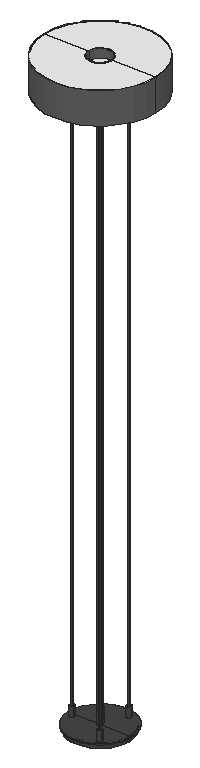
Revit family "AFX-Montclair_Pendant", category Lighting Fixtures, host Face, Revit 2021
Family settings
  Host = Face
  Round Connector Dimension = Use Diameter
  Part Type = Normal
  Cut with Voids When Loaded = No
  Light Source = Yes
  Shared = No
  Room Calculation Point = No
Parameters (values of type "MCP1214LAJUDSN-BK")
  Wattage Comments = "9"
  Wattage = 9.2903 W
  built-in parameter 1150110 = 1 (stored number, unit not read)
  Voltage = 120 V
  URL = "https://www.afxinc.com/"
  Type Comments = "Montclair"  # constant formula
  built-in parameter 1114217 = 1 (stored number, unit not read)
  Tilt Angle = 90.00°
  built-in parameter 1150109 = 1 (stored number, unit not read)
  built-in parameter 1150134 = 3
  Sustainability = "https://lamprecycle.org/en/"
  built-in parameter 1150113 = 1 (stored number, unit not read)
  Support Finish = AFX - Black Steel
  Screen Finish = AFX - Fabric
  Revit File Built By = "https://servex-us.com/servex-revit/"
  Product Documentation Link = "https://www.afxinc.com/products/productDetail.cfm?productID=1480"
  Power Factor = 1
  Photometric Web File = "MCP193200LxxD1SN-BK_IES.ies"
  Model = "MCP1214LAJUDSN-BK"
  Manufacturer = "AFX Inc"  # constant formula
  built-in parameter 1150105 = 109.82 (stored number, unit not read)
  Lumens = 1380 lm
  built-in parameter 1150115 = 1 (stored number, unit not read)
  built-in parameter 1150137 = (empty or 0)
  built-in parameter 1150139 = (empty or 0)
  built-in parameter 1150112 = 1 (stored number, unit not read)
  built-in parameter 1150114 = 1 (stored number, unit not read)
  Lamp = ""
  Keynote = "12500"  # constant formula
  built-in parameter 1150132 = (empty or 0)
  built-in parameter 1150102 = (empty or 0)
  built-in parameter 1150107 = 3200 (stored number, unit not read)
  built-in parameter 1150138 = (empty or 0)
  built-in parameter 1150106 = 1.0982 (stored number, unit not read)
  Housing Finish = AFX - Black Steel
  Height = 3 3/4"
  HC [instance] = if(and(Ceiling Distance > 14 1/64", Ceiling Distance < 108 1/32"), Ceiling Distance, 60")  # 60"
  Emit from Circle Diameter = 12"
  Emit Shape Visible in Rendering = no
  built-in parameter 1150104 = 13.8 (stored number, unit not read)
  Dimming Lamp Color Temperature Shift = <None>
  Diffuser Finish = AFX - White Acrylic
  Diameter = 12 1/4"
  Description = "Pendant - 12 1/4\"Dia x 3 3/4\"H"
  Default Elevation = 48"
  Cord Finish = AFX - Black Steel
  Colour Rendering Index = "80"
  Color Filter = 16777215
  Ceiling Distance [instance] = 60"
  built-in parameter 1114218 = 1 (stored number, unit not read)
  built-in parameter 1150133 = 10 (stored number, unit not read)
  Assembly Code = "D5020200"
  Apparent Load = 0 VA
  Adjustable Height (Range) [instance] = if(and(Ceiling Distance > 14 1/64", Ceiling Distance < 108 1/32"), "108 Pulg Max", "Not Range")  # "108 Pulg Max"
Types (6): name | Product Documentation Link | Model | Height | Emit from Circle Diameter | Diameter | Description
  (no name) | "https://www.afxinc.com/products/productDetail.cfm?productID=1480" | "MCP1214LAJUDSN-BK" | 3 3/4" | 12" | 12 1/4" | "Pendant - 12 1/4\"Dia x 3 3/4\"H"
  MCP1214LAJUDSN-BK | "https://www.afxinc.com/products/productDetail.cfm?productID=1480" | "MCP1214LAJUDSN-BK" | 3 3/4" | 12" | 12 1/4" | "Pendant - 12 1/4\"Dia x 3 3/4\"H"
  MCP1524LAJUDSN-BK | "https://www.afxinc.com/products/productDetail.cfm?productID=664" | "MCP1524LAJUDSN-BK" | 4 3/4" | 15" | 15" | "Pendant - 15\"Dia x 4 3/4\"H"
  MCP1932LAJUDSN-BK | "https://www.afxinc.com/products/productDetail.cfm?productID=2019" | "MCP1932LAJUDSN-BK" | 5 1/2" | 19" | 19 1/4" | "Pendant - 19 1/4\"Dia x 5 1/2\"H"
  MCP2432L5AJUDSN-BK | "https://www.afxinc.com/products/productDetail.cfm?productID=2290" | "MCP2432L5AJUDSN-BK" | 7 1/2" | 24" | 24" | "Pendant - 24\"Dia x 7 1/2\"H"
  MCP3044L5AJUDSN-BK | "https://www.afxinc.com/products/productDetail.cfm?productID=2302" | "MCP3044L5AJUDSN-BK" | 9 1/2" | 30" | 30" | "Pendant - 30\"Dia x 9 1/2\"H"
Reference planes (in)
  plane 1 "Center (Front/Back)": y = 0.13952
  plane 2: z = 0
  plane 3 "Center (Left/Right)": x = 0
  plane 4: x = -6.125
  plane 5: x = 6.125
  plane 6: y = 6.26452
  plane 7: y = -5.98548
  plane 8: z = 0.56
  plane 9: z = 66.00291
  plane 10: z = 62.25291
  plane 11: z = 2.25291
  plane 12: z = 61.25075
Forms (in)
  Revolve 1, solid, material "AFX - Black Steel" <- "Support Finish"
    sketch origin (0, 0.13952, 0) x (1, 0, 0) y (0, 0, 1)
      loop
        line (5.0625, 63.01291) -> (0, 63.01291) -> (0, 62.40843) -> (3.81901, 62.40843) -> (4.12422, 62.25291) -> (5.0625, 62.25291) -> (5.0625, 63.01291)
      axis (0, 63.01291) -> (0, 62.25291)
    angle from 0 to 360
  Revolve 2, solid, material "AFX - White Acrylic" <- "Diffuser Finish"
    sketch origin (0, 0.13952, 0) x (1, 0, 0) y (0, 0, 1)
      loop
        line (1.25, 65.09291) -> (0, 65.09291) -> (0, 65.00291) -> (1.25, 65.00291) -> (1.25, 65.09291)
      axis (0, 65.09291) -> (0, 65.00291)
    angle from 0 to 360
  Revolve 3, solid, material "AFX - Fabric" <- "Screen Finish"
    sketch origin (0, 0.13952, 0) x (1, 0, 0) y (0, 0, 1)
      loop
        line (1.25, 65.00291) -> (1.28556, 65.00291) -> (1.28556, 66.00291) -> (1.25, 66.00291) -> (1.25, 65.00291)
      axis (0, 66.00291) -> (0, 65.00291)
    angle from 0 to 360
  Revolve 4, solid, material "AFX - White Acrylic" <- "Diffuser Finish"
    sketch origin (0, 0.13952, 0) x (1, 0, 0) y (0, 0, 1)
      loop
        line (1.28556, 66.00291) -> (1.28556, 65.91291) -> (6.095, 65.91291) -> (6.095, 66.00291) -> (1.28556, 66.00291)
      axis (0, 66.00291) -> (0, 65.91291)
    angle from 0 to 360
  Revolve 5, solid, material "AFX - Black Steel" <- "Support Finish"
    sketch origin (0, 0.13952, 0) x (1, 0, 0) y (0, 0, 1)
      loop
        line (5.07812, 62.64291) -> (5.07812, 62.55291) -> (6.08719, 62.55291) -> (6.08719, 62.64291) -> (5.07812, 62.64291)
      axis (0, 62.64291) -> (0, 62.55291)
    angle from 0 to 360
  Revolve 6, solid, material "AFX - Fabric" <- "Screen Finish"
    sketch origin (0, 0.13952, 0) x (1, 0, 0) y (0, 0, 1)
      loop
        line (6.125, 66.00291) -> (6.08719, 66.00291) -> (6.08719, 62.55291) -> (6.125, 62.55291) -> (6.125, 66.00291)
      axis (0, 66.00291) -> (0, 62.55291)
    angle from 0 to 360
  Revolve 7, solid, material "AFX - Black Steel" <- "Housing Finish"
    sketch origin (0, 0.13952, 0) x (1, 0, 0) y (0, 0, 1)
      loop
        line (0, 0.56) -> (0, 0) -> (3.25, 0) -> (3.25, 0.5) -> (3.5, 0.5) -> (3.5, 0.56) -> (0, 0.56)
      axis (0, 0.56) -> (0, 0)
    angle from 0 to 360
  Revolve 8, solid, material "AFX - Black Steel" <- "Support Finish"
    sketch origin (0, 0.13952, 0) x (1, 0, 0) y (0, 0, 1)
      loop
        line (0, 2.25291) -> (0, 0.56) -> (0.25591, 0.56) -> (0.25591, 0.63874) -> (0.19728, 0.63874) -> (0.19728, 0.75685) -> (0.31102, 0.75685) -> (0.31102, 2.01669) -> (0.26468, 2.01669) -> (0.26468, 2.25291) -> (0, 2.25291)
      axis (0, 2.25291) -> (0, 0.56)
    angle from 0 to 360
  Revolve 9, solid, material "AFX - Black Steel" <- "Housing Finish"
    sketch origin (0, 0.13952, 0) x (1, 0, 0) y (0, 0, 1)
      loop
        line (0, 2.25291) -> (0, 1.05583) -> (0.25, 1.05583) -> (0.25, 2.25291) -> (0, 2.25291)
      axis (0, 1.05583) -> (0, 2.25291)
    angle from 0 to 360
  Revolve 10, solid, material "AFX - Black Steel" <- "Support Finish"
    sketch origin (0, -0.23699, 0) x (1, 0, 0) y (0, 0, 1)
      loop
        line (-2.78718, 1.56) -> (-2.78718, 0.56) -> (-2.53718, 0.56) -> (-2.53718, 1.56) -> (-2.78718, 1.56)
      axis (-2.78718, 1.56) -> (-2.78718, 0.56)
    angle from 0 to 360
  Revolve 11, solid, material "AFX - Black Steel" <- "Support Finish"
    sketch origin (3.85471, 2.74155, 0) x (1, 0, 0) y (0, 0, 1)
      loop
        line (-2.78718, 1.56) -> (-2.78718, 0.56) -> (-2.53718, 0.56) -> (-2.53718, 1.56) -> (-2.78718, 1.56)
      axis (-2.78718, 1.56) -> (-2.78718, 0.56)
    angle from 0 to 360
  Revolve 12, solid, material "AFX - Black Steel" <- "Support Finish"
    sketch origin (4.50684, -2.086, 0) x (1, 0, 0) y (0, 0, 1)
      loop
        line (-2.78718, 1.56842) -> (-2.78718, 0.56) -> (-2.53718, 0.56) -> (-2.53718, 1.56842) -> (-2.78718, 1.56842)
      axis (-2.78718, 1.56842) -> (-2.78718, 0.56)
    angle from 0 to 360
  Revolve 13, solid, material "AFX - Black Steel" <- "Cord Finish"
    sketch origin (0, 0.13952, 0) x (1, 0, 0) y (0, 0, 1)
      loop
        line (0.25, 2.25291) -> (0.25, 62.25291) -> (0, 62.25291) -> (0, 2.25291) -> (0.25, 2.25291)
      axis (0, 62.25291) -> (0, 2.25291)
    angle from 0 to 360
  Extrusion 14, solid, material "AFX - Black Steel" <- "Cord Finish"
    sketch origin (0, 0, 0) x (1, 0, 0) y (0, 1, 0)
      loop
        circle (-2.78718, -0.23699) r 0.06288
      loop
        circle (1.06753, 2.74155) r 0.06288
      loop
        circle (1.71966, -2.086) r 0.06288
    from 1.56 to 61.25075
  Revolve 15, solid, material "AFX - Black Steel" <- "Support Finish"
    sketch origin (-3.85471, -0.23699, 0) x (1, 0, 0) y (0, 0, 1)
      loop
        line (1.16753, 61.25075) -> (1.16753, 61.59075) -> (1.26403, 61.59075) -> (1.26403, 62.41625) -> (1.06753, 62.41625) -> (1.06753, 61.25075) -> (1.16753, 61.25075)
      axis (1.06753, 61.25075) -> (1.06753, 62.41625)
    angle from 0 to 360
  Revolve 16, solid, material "AFX - Black Steel" <- "Support Finish"
    sketch origin (0, 2.74155, 0) x (1, 0, 0) y (0, 0, 1)
      loop
        line (1.16753, 61.25075) -> (1.16753, 61.59075) -> (1.26403, 61.59075) -> (1.26403, 62.41625) -> (1.06753, 62.41625) -> (1.06753, 61.25075) -> (1.16753, 61.25075)
      axis (1.06753, 61.25075) -> (1.06753, 62.41625)
    angle from 0 to 360
  Revolve 17, solid, material "AFX - Black Steel" <- "Support Finish"
    sketch origin (0.65213, -2.086, 0) x (1, 0, 0) y (0, 0, 1)
      loop
        line (1.16753, 61.25075) -> (1.16753, 61.59075) -> (1.26403, 61.59075) -> (1.26403, 62.41625) -> (1.06753, 62.41625) -> (1.06753, 61.25075) -> (1.16753, 61.25075)
      axis (1.06753, 61.25075) -> (1.06753, 62.41625)
    angle from 0 to 360
Lines and regions (in)
  symbolic lines, style "LightingFixturesHiddenLines", detail levels fine
    curve 1: arc (3.5, 0.13952, 0) -> (0, 3.63952, 0) -> (-3.5, 0.13952, 0) r 3.5
    curve 2: arc (-3.5, 0.13952, 0) -> (0, -3.36048, 0) -> (3.5, 0.13952, 0) r 3.5
  symbolic lines
    curve 3: arc (1.28556, 0.13952, 0) -> (0, 1.42508, 0) -> (-1.28556, 0.13952, 0) r 1.28556
    curve 4: arc (1.25, 0.13952, 0) -> (0, 1.38952, 0) -> (-1.25, 0.13952, 0) r 1.25
    curve 5: arc (-1.25, 0.13952, 0) -> (0, -1.11048, 0) -> (1.25, 0.13952, 0) r 1.25
    curve 6: arc (-1.28556, 0.13952, 0) -> (0, -1.14604, 0) -> (1.28556, 0.13952, 0) r 1.28556
    curve 7: arc (6.125, 0.13952, 0) -> (0, 6.26452, 0) -> (-6.125, 0.13952, 0) r 6.125
    curve 8: arc (6.095, 0.13952, 0) -> (0, 6.23452, 0) -> (-6.095, 0.13952, 0) r 6.095
    curve 9: arc (-6.095, 0.13952, 0) -> (0, -5.95548, 0) -> (6.095, 0.13952, 0) r 6.095
    curve 10: arc (-6.125, 0.13952, 0) -> (0, -5.98548, 0) -> (6.125, 0.13952, 0) r 6.125
Dimensions and locks (in)
  "Diameter": plane 4 to plane 5
  "Diameter": plane 7 to plane 6
  equal spacing: plane 4, plane 3 "Center (Left/Right)", plane 5
  equal spacing: plane 7, plane 1 "Center (Front/Back)", plane 6
  locked: plane 8 to plane 2 at 0.56
  locked: Revolve 1 sketch curve to plane 5 at 1.0625
  plane 5 to Revolve 1 sketch curve to Revolve 1 sketch curve = 2.00078" locked, 0.30521" locked
  plane 9 to Revolve 2 sketch curve to Revolve 2 sketch curve = 0.91" locked, 0.09" locked
  locked: plane 5 to Revolve 2 sketch curve at 4.875
  Revolve 3 sketch curve to Revolve 3 sketch curve to plane 5 = 0.03556" locked, 4.83944" locked
  locked: plane 9 to Revolve 3 sketch curve at 1
  locked: plane 9 to Revolve 4 sketch curve at 0.09
  locked: Revolve 4 sketch curve to plane 5 at 0.03
  Revolve 5 sketch curve to Revolve 5 sketch curve to plane 5 = 1.00906" locked, 0.03781" locked
  Revolve 5 sketch curve to Revolve 5 sketch curve to plane 10 = 0.09" locked, 0.3" locked
  locked: Revolve 6 sketch curve to plane 5 at 0.03781
  locked: Revolve 6 sketch curve to plane 10 at 0.3
  locked: plane 5 to Revolve 4 sketch curve at 4.83944
  Revolve 7 sketch curve to Revolve 7 sketch curve to plane 3 "Center (Left/Right)" = 1/4" locked, 3 1/4" locked
  locked: Revolve 7 sketch curve to plane 2 at 0.5
  "Height": plane 9 to plane 10
  locked: plane 11 to plane 2 at 2.25291
  "HC": plane 10 to plane 11
  locked: Revolve 12 sketch curve to plane 8 at 1.00842
  locked: Revolve 11 sketch curve to plane 8 at 1
  locked: Revolve 10 sketch curve to plane 8 at 1
  locked: plane 10 to plane 12 at 1.00216
  locked: Revolve 15 sketch curve to plane 12 at 1.1655
  locked: Revolve 15 sketch curve to plane 12 at 0.34
  aligned and locked: host face to plane 2
  aligned and locked: level to host face
  aligned and locked: plane 3 "Center (Left/Right)" to Revolve 1 sketch curve
  aligned and locked: Revolve 2 sketch curve to plane 3 "Center (Left/Right)"
  aligned and locked: plane 9 to Revolve 3 sketch curve
  aligned and locked: Revolve 4 sketch curve to plane 9
  aligned and locked: plane 5 to Revolve 6 sketch curve
  aligned and locked: plane 9 to Revolve 6 sketch curve
  aligned and locked: plane 8 to Revolve 7 sketch curve
  aligned and locked: plane 2 to Revolve 7 sketch curve
  aligned and locked: plane 8 to Revolve 12 sketch curve
  aligned and locked: plane 8 to Revolve 11 sketch curve
  aligned and locked: plane 8 to Revolve 10 sketch curve
  aligned and locked: Revolve 13 sketch curve to Revolve 9  (x2)
  aligned and locked: Revolve 13 sketch curve to Revolve 1
  aligned and locked: plane 3 "Center (Left/Right)" to Revolve 13 sketch curve
  aligned and locked: Revolve 15 sketch curve to plane 12
  aligned and locked: Extrusion 14 to plane 12
  aligned and locked: imposter light to plane 9
  aligned and locked: plane 1 "Center (Front/Back)" to imposter light
  aligned and locked: curve 1 to Revolve 7
  aligned and locked: curve 2 to Revolve 7
  aligned and locked: curve 3 to Revolve 4
  aligned and locked: curve 4 to Revolve 3
  aligned and locked: curve 5 to Revolve 3
  aligned and locked: curve 6 to Revolve 4
  aligned and locked: curve 7 to Revolve 6
  aligned and locked: curve 8 to Revolve 4
  aligned and locked: curve 9 to Revolve 4
  aligned and locked: curve 10 to Revolve 6
Automatic sketch dimensions
  host sketch curve to host sketch curve = 96"  (x2)
  Revolve 1 sketch curve to plane 3 "Center (Left/Right)" = 0"
  Revolve 1 sketch curve to plane 10 = 0"
  plane 10 to Revolve 1 sketch curve = 0.15551"
  Revolve 1 sketch curve to Revolve 1 sketch curve = 0.60449"
  plane 12 to Revolve 1 sketch curve = 5.44784"
  plane 9 to Revolve 1 sketch curve = 4 1/4"
  Revolve 2 sketch curve to plane 3 "Center (Left/Right)" = 0"
  Revolve 2 sketch curve to Revolve 2 sketch curve = 1 3/4"
  plane 9 to Revolve 2 sketch curve = 1 1/4"
  Revolve 3 sketch curve to plane 3 "Center (Left/Right)" = 0"
  plane 12 to Revolve 3 sketch curve = 2.69784"
  plane 9 to Revolve 3 sketch curve = 1 1/2"
  Revolve 4 sketch curve to plane 3 "Center (Left/Right)" = 0"
  plane 12 to Revolve 4 sketch curve = 1.69784"
  plane 9 to Revolve 4 sketch curve = 2 1/4"
  Revolve 5 sketch curve to plane 3 "Center (Left/Right)" = 0"
  plane 12 to Revolve 5 sketch curve = 2.74784"
  plane 10 to Revolve 5 sketch curve = 2 3/4"
  Revolve 6 sketch curve to plane 3 "Center (Left/Right)" = 0"
  plane 12 to Revolve 6 sketch curve = 2.94784"
  plane 9 to Revolve 6 sketch curve = 1 1/2"
  Revolve 7 sketch curve to plane 3 "Center (Left/Right)" = 0"  (x2)
  Revolve 7 sketch curve to Revolve 7 sketch curve = 2.19"
  Revolve 7 sketch curve to plane 11 = 0.80709"
  Revolve 8 sketch curve to plane 3 "Center (Left/Right)" = 0"  (x2)
  Revolve 8 sketch curve to plane 8 = 0"
  Revolve 8 sketch curve to plane 11 = 0"
  plane 3 "Center (Left/Right)" to Revolve 8 sketch curve = 0.19728"
  Revolve 8 sketch curve to Revolve 8 sketch curve = 0.05863"
  plane 3 "Center (Left/Right)" to Revolve 8 sketch curve = 0.26468"
  Revolve 8 sketch curve to Revolve 8 sketch curve = 0.11375"
  Revolve 8 sketch curve to plane 8 = 0.07874"
  Revolve 8 sketch curve to Revolve 8 sketch curve = 0.11811"
  Revolve 8 sketch curve to Revolve 8 sketch curve = 0.23622"
  Revolve 8 sketch curve to Revolve 8 sketch curve = 0.02527"
  Revolve 8 sketch curve to plane 11 = 0.08235"
  Revolve 9 sketch curve to plane 3 "Center (Left/Right)" = 0"  (x2)
  Revolve 9 sketch curve to plane 11 = 0"
  plane 3 "Center (Left/Right)" to Revolve 9 sketch curve = 1/4"
  Revolve 9 sketch curve to plane 8 = 0.49583"
  Revolve 9 sketch curve to Revolve 9 sketch curve = 0.44709"
  Revolve 9 sketch curve to Revolve 9 sketch curve = 1.05291"
  Revolve 10 sketch curve to plane 3 "Center (Left/Right)" = 2.78718"
  Revolve 10 sketch curve to Revolve 10 sketch curve = 1/4"
  Revolve 10 sketch curve to level = 0.47406"
  Revolve 10 sketch curve to Revolve 10 sketch curve = 0"
  Revolve 10 sketch curve to Revolve 10 sketch curve = 0.29382"
  plane 3 "Center (Left/Right)" to Revolve 11 sketch curve = 1.06753"
  Revolve 11 sketch curve to Revolve 11 sketch curve = 1/4"
  Revolve 11 sketch curve to level = 0.47406"
  Revolve 11 sketch curve to Revolve 11 sketch curve = 0"
  Revolve 11 sketch curve to Revolve 11 sketch curve = 0.29382"
  plane 3 "Center (Left/Right)" to Revolve 12 sketch curve = 1.71966"
  Revolve 12 sketch curve to Revolve 12 sketch curve = 1/4"
  Revolve 12 sketch curve to level = 0.47406"
  Revolve 12 sketch curve to Revolve 12 sketch curve = 0"
  Revolve 12 sketch curve to Revolve 12 sketch curve = 0.28539"
  Revolve 13 sketch curve to plane 3 "Center (Left/Right)" = 0"
  Revolve 13 sketch curve to level = 2.44709"
  plane 9 to Revolve 13 sketch curve = 1 1/2"
  Extrusion 14 sketch curve to plane 3 "Center (Left/Right)" = 2.78718"
  plane 3 "Center (Left/Right)" to Extrusion 14 sketch curve = 1.06753"
  plane 3 "Center (Left/Right)" to Extrusion 14 sketch curve = 1.71966"
  Extrusion 14 sketch curve to plane 1 "Center (Front/Back)" = 2.60203"
  Revolve 15 sketch curve to plane 3 "Center (Left/Right)" = 2.78718"
  Revolve 15 sketch curve to Revolve 15 sketch curve = 0.1"
  Revolve 15 sketch curve to Revolve 15 sketch curve = 0.1965"
  Revolve 15 sketch curve to Revolve 15 sketch curve = 0"
  plane 12 to Revolve 15 sketch curve = 0.19674"
  Revolve 15 sketch curve to Revolve 15 sketch curve = 0.38776"
  Revolve 16 sketch curve to plane 12 = 0"
  plane 10 to Revolve 16 sketch curve = 0.16334"
  plane 3 "Center (Left/Right)" to Revolve 16 sketch curve = 1.06753"
  Revolve 16 sketch curve to Revolve 16 sketch curve = 0.1"
  Revolve 16 sketch curve to Revolve 16 sketch curve = 0.1965"
  Revolve 16 sketch curve to Revolve 16 sketch curve = 0.34"
  Revolve 16 sketch curve to Revolve 16 sketch curve = 0"
  plane 12 to Revolve 16 sketch curve = 0.19674"
  Revolve 16 sketch curve to Revolve 16 sketch curve = 0.38776"
  Revolve 17 sketch curve to plane 12 = 0"
  plane 10 to Revolve 17 sketch curve = 0.16334"
  plane 3 "Center (Left/Right)" to Revolve 17 sketch curve = 1.71966"
  Revolve 17 sketch curve to Revolve 17 sketch curve = 0.1"
  Revolve 17 sketch curve to Revolve 17 sketch curve = 0.1965"
  Revolve 17 sketch curve to Revolve 17 sketch curve = 0.34"
  Revolve 17 sketch curve to Revolve 17 sketch curve = 0"
  plane 12 to Revolve 17 sketch curve = 0.19674"
  Revolve 17 sketch curve to Revolve 17 sketch curve = 0.38776"
  plane 1 "Center (Front/Back)" to Extrusion 14 sketch curve = 0.37651"
  plane 1 "Center (Front/Back)" to Extrusion 14 sketch curve = 2.22552"
  radius of Extrusion 14 sketch curve = 0.06288"  (x3)
Connectors (in)
  electrical at (0, 0.13952, 0), driven by "Voltage", driven by "Apparent Load", driven by "Power Factor"
    settings: on Revolve 7, index 1, voltage 120 V, apparent load 0 VA, apparent load phase1 0 VA, apparent load phase2 0 VA, apparent load phase3 0 VA, power factor 1, load classification "Lighting", number of poles 1, system type 31, power factor state 1, is connector primary yes, connector utility no, sub classification motor no, connector description ""
